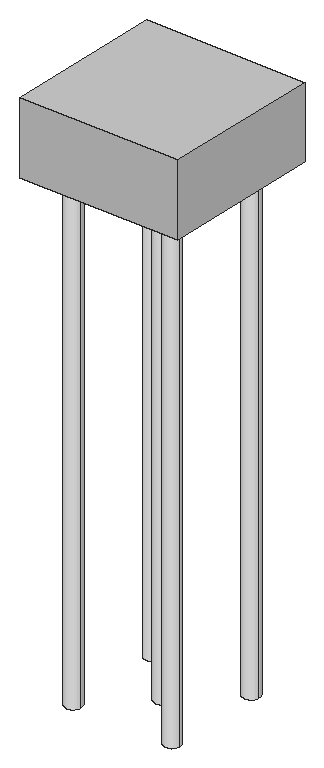
Revit family
Parameters (values of type "2000 x 2000 x 900mm")
  Width = 2000 mm
  Thickness = 900 mm
  파일 유형 = M_파일-스틸 파이프 : 200mm 지름
  Length = 2000 mm
  기초 재료 [instance] = 콘크리트 - 현장타설 콘크리트
  간격 = 375 mm
  Assembly Code = "A1010130"
Types (3, lengths in mm): name | Width | Thickness | Length
  (no name) | 2000 | 900 | 2000
  2000 x 2000 x 900mm | 2000 | 900 | 2000
  2600 x 1650 x 1100mm | 2600 | 1100 | 1650
Reference planes
  plane 1 "중심(앞/뒤)": y = 0
  plane 2: z = 0
  plane 3 "중심(왼쪽/오른쪽)": x = 0
  plane 4: x = -1000
  plane 5: x = 1000
  plane 6: y = 1000
  plane 7: y = -1000
  plane 8: z = -900
  plane 9: x = -625
  plane 10: x = 625
  plane 11: y = 625
  plane 12: y = -625
Forms (mm)
  Extrusion 1, solid, material "콘크리트 - 현장타설 콘크리트" <- "기초 재료"
    sketch origin (0, 0, 0) x (1, 0, 0) y (0, 1, 0)
      loop
        line (-1000, 1000) -> (-1000, -1000) -> (1000, -1000) -> (1000, 1000) -> (-1000, 1000)
    from -900 to 0
Dimensions and locks
  "Width": plane 4 to plane 5
  "Length": plane 6 to plane 7
  equal spacing: plane 6, plane 1 "중심(앞/뒤)", plane 7
  equal spacing: plane 4, plane 3 "중심(왼쪽/오른쪽)", plane 5
  "Thickness": plane 2 to plane 8
  "간격": plane 4 to plane 9
  "간격": plane 10 to plane 5
  "간격": plane 6 to plane 11
  "간격": plane 7 to plane 12
  aligned and locked: plane 4 to Extrusion 1 sketch curve
  aligned and locked: Extrusion 1 sketch curve to plane 5
  aligned and locked: Extrusion 1 sketch curve to plane 6
  aligned and locked: plane 7 to Extrusion 1 sketch curve
  aligned and locked: level to Extrusion 1
  aligned and locked: Extrusion 1 to plane 8
  aligned and locked: nested 5 to plane 9
  aligned and locked: plane 11 to nested 5
  aligned and locked: plane 12 to nested 1
  aligned and locked: nested 1 to plane 9
  aligned and locked: plane 3 "중심(왼쪽/오른쪽)" to nested 3
  aligned and locked: plane 1 "중심(앞/뒤)" to nested 3
  aligned and locked: plane 10 to nested 2
  aligned and locked: plane 12 to nested 2
  aligned and locked: plane 11 to nested 4
  aligned and locked: plane 10 to nested 4
  aligned and locked: plane 8 to nested 1
  aligned and locked: plane 8 to nested 3
  aligned and locked: plane 8 to nested 2
  aligned and locked: plane 8 to nested 4
  aligned and locked: plane 8 to nested 5
Nested families
  nested 1: "M_파일-스틸 파이프" at (-625, -625, -900), type <- "파일 유형", type "200mm 지름"
    with 파일 재료 금속 - 스틸 - 345 MPa
  nested 2: "M_파일-스틸 파이프" at (625, -625, -900), type <- "파일 유형", type "200mm 지름"
    with 파일 재료 금속 - 스틸 - 345 MPa
  nested 3: "M_파일-스틸 파이프" at (0, 0, -900), type <- "파일 유형", type "200mm 지름"
    with 파일 재료 금속 - 스틸 - 345 MPa
  nested 4: "M_파일-스틸 파이프" at (625, 625, -900), type <- "파일 유형", type "200mm 지름"
    with 파일 재료 금속 - 스틸 - 345 MPa
  nested 5: "M_파일-스틸 파이프" at (-625, 625, -900), type <- "파일 유형", type "200mm 지름"
    with 파일 재료 금속 - 스틸 - 345 MPa
Definition of nested family "M_파일-스틸 파이프"
  Parameters (values of type "250mm 지름")
    반지름 = Diameter / 2  # 125 mm
    최소 내포 = 150 mm
    파일 재료 [instance] = 금속 - 스틸 - 345 MPa
    Diameter = 250 mm
    Depth = 6000 mm
    Assembly Code = "A1020130"
  Types (6, lengths in mm): name | 반지름 | 최소 내포 | Diameter
    300mm 지름 | 150 | 150 | 300
    600mm 지름 | 300 | 152 | 600
    250mm 지름 | 125 | 150 | 250
    400mm 지름 | 200 | 150 | 400
    500mm 지름 | 250 | 150 | 500
    200mm 지름 | 100 | 150 | 200
  Reference planes
    plane 1 "중심(앞/뒤)": y = 0
    plane 2: z = 0
    plane 3 "중심(왼쪽/오른쪽)": x = 0
    plane 4: z = -6000
    plane 5: z = 150
  Forms (mm)
    Extrusion 1, solid, material "금속 - 스틸 - 345 MPa" <- "파일 재료"
      sketch origin (0, 0, 0) x (1, 0, 0) y (0, 1, 0)
        loop
          circle (0, 0) r 125
      from -6000 to 150
  Dimensions and locks
    "Depth": plane 2 to plane 4
    "최소 내포": plane 5 to plane 2
    "반지름": radius of Extrusion 1 sketch curve
    aligned and locked: Extrusion 1 to plane 4
    aligned and locked: Extrusion 1 to plane 5
  Automatic sketch dimensions
    Extrusion 1 sketch curve to plane 1 "중심(앞/뒤)" = 0 mm
    Extrusion 1 sketch curve to plane 3 "중심(왼쪽/오른쪽)" = 0 mm
